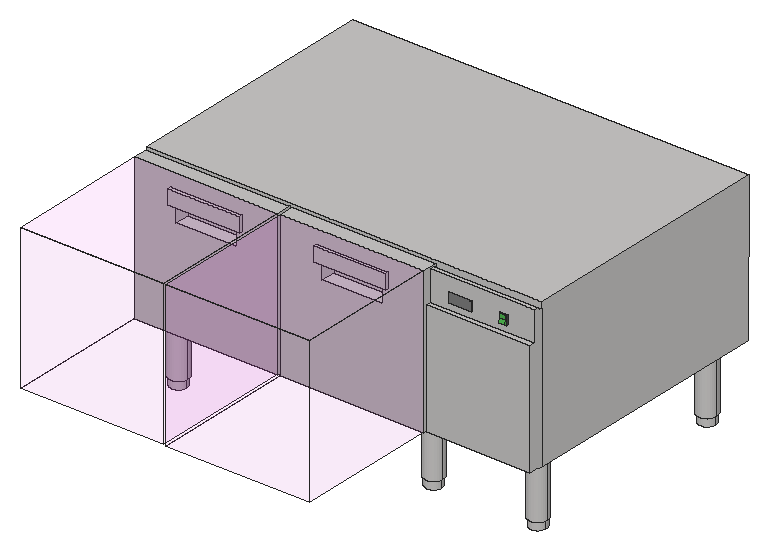
Revit family "QF_ELECTROLUXPROFESSIONAL_391602_E9TTAECOMIN", category Specialty Equipment, Revit 2023 (continued)
Automatic sketch dimensions
  Split face 157 sketch curve to Split face 157 sketch curve = 0.02 mm  (x2)
  Split face 157 sketch curve to Split face 157 sketch curve = 31.959 mm
  Split face 157 sketch curve to Extrusion 4 = 148.203 mm
  Split face 157 sketch curve to Split face 157 sketch curve = 4 mm
  Split face 158 sketch curve to Extrusion 4 = 110.502 mm
  Split face 158 sketch curve to Split face 158 sketch curve = 0.02 mm  (x2)
  Split face 158 sketch curve to Split face 158 sketch curve = 31.959 mm
  Split face 158 sketch curve to Extrusion 4 = 140.797 mm
  Split face 158 sketch curve to Split face 158 sketch curve = 4 mm
  Split face 159 sketch curve to Extrusion 4 = 110.502 mm
  Split face 159 sketch curve to Split face 159 sketch curve = 0.02 mm  (x2)
  Split face 159 sketch curve to Split face 159 sketch curve = 31.959 mm
  Split face 159 sketch curve to Extrusion 4 = 152.797 mm
  Split face 159 sketch curve to Split face 159 sketch curve = 4 mm
  Split face 160 sketch curve to Extrusion 4 = 110.502 mm
  Split face 160 sketch curve to Split face 160 sketch curve = 0.02 mm  (x2)
  Split face 160 sketch curve to Split face 160 sketch curve = 31.959 mm
  Split face 160 sketch curve to Extrusion 4 = 148.203 mm
  Split face 160 sketch curve to Split face 160 sketch curve = 4 mm
  Split face 161 sketch curve to Extrusion 4 = 155.502 mm
  Split face 161 sketch curve to Split face 161 sketch curve = 0.02 mm  (x2)
  Split face 161 sketch curve to Split face 161 sketch curve = 31.959 mm
  Split face 161 sketch curve to Extrusion 4 = 140.797 mm
  Split face 161 sketch curve to Split face 161 sketch curve = 4 mm
  Split face 162 sketch curve to Extrusion 4 = 155.502 mm
  Split face 162 sketch curve to Split face 162 sketch curve = 0.02 mm  (x2)
  Split face 162 sketch curve to Split face 162 sketch curve = 31.959 mm
  Split face 162 sketch curve to Extrusion 4 = 152.797 mm
  Split face 162 sketch curve to Split face 162 sketch curve = 4 mm
  Split face 163 sketch curve to Extrusion 4 = 155.502 mm
  Split face 163 sketch curve to Split face 163 sketch curve = 0.02 mm  (x2)
  Split face 163 sketch curve to Split face 163 sketch curve = 31.959 mm
  Split face 163 sketch curve to Extrusion 4 = 148.203 mm
  Split face 163 sketch curve to Split face 163 sketch curve = 4 mm
  Split face 164 sketch curve to Extrusion 4 = 144.498 mm
  Split face 164 sketch curve to Split face 164 sketch curve = 0.02 mm  (x2)
  Split face 164 sketch curve to Split face 164 sketch curve = 31.959 mm
  Split face 164 sketch curve to Extrusion 4 = 140.797 mm
  Split face 164 sketch curve to Split face 164 sketch curve = 4 mm
  Split face 165 sketch curve to Extrusion 4 = 144.498 mm
  Split face 165 sketch curve to Split face 165 sketch curve = 0.02 mm  (x2)
  Split face 165 sketch curve to Split face 165 sketch curve = 31.959 mm
  Split face 165 sketch curve to Extrusion 4 = 152.797 mm
  Split face 165 sketch curve to Split face 165 sketch curve = 4 mm
  Split face 166 sketch curve to Extrusion 4 = 144.498 mm
  Split face 166 sketch curve to Split face 166 sketch curve = 0.02 mm  (x2)
  Split face 166 sketch curve to Split face 166 sketch curve = 31.959 mm
  Split face 166 sketch curve to Extrusion 4 = 148.203 mm
  Split face 166 sketch curve to Split face 166 sketch curve = 4 mm
  Split face 167 sketch curve to Extrusion 4 = 99.499 mm
  Split face 167 sketch curve to Split face 167 sketch curve = 0.02 mm  (x2)
  Split face 167 sketch curve to Split face 167 sketch curve = 31.959 mm
  Split face 167 sketch curve to Extrusion 4 = 140.797 mm
  Split face 167 sketch curve to Split face 167 sketch curve = 4 mm
  Split face 168 sketch curve to Extrusion 4 = 99.499 mm
  Split face 168 sketch curve to Split face 168 sketch curve = 0.02 mm  (x2)
  Split face 168 sketch curve to Split face 168 sketch curve = 31.959 mm
  Split face 168 sketch curve to Extrusion 4 = 152.797 mm
  Split face 168 sketch curve to Split face 168 sketch curve = 4 mm
  Split face 169 sketch curve to Extrusion 4 = 99.499 mm
  Split face 169 sketch curve to Split face 169 sketch curve = 0.02 mm  (x2)
  Split face 169 sketch curve to Split face 169 sketch curve = 31.959 mm
  Split face 169 sketch curve to Extrusion 4 = 148.203 mm
  Split face 169 sketch curve to Split face 169 sketch curve = 4 mm
  Split face 170 sketch curve to Extrusion 4 = 54.499 mm
  Split face 170 sketch curve to Split face 170 sketch curve = 0.02 mm  (x2)
  Split face 170 sketch curve to Extrusion 4 = 22.519 mm
  Split face 170 sketch curve to Extrusion 4 = 140.797 mm
  Split face 170 sketch curve to Split face 170 sketch curve = 4 mm
  Split face 171 sketch curve to Extrusion 4 = 54.499 mm
  Split face 171 sketch curve to Split face 171 sketch curve = 0.02 mm  (x2)
  Split face 171 sketch curve to Extrusion 4 = 22.519 mm
  Split face 171 sketch curve to Extrusion 4 = 152.797 mm
  Split face 171 sketch curve to Split face 171 sketch curve = 4 mm
  Split face 172 sketch curve to Extrusion 4 = 54.499 mm
  Split face 172 sketch curve to Split face 172 sketch curve = 0.02 mm  (x2)
  Split face 172 sketch curve to Extrusion 4 = 22.519 mm
  Split face 172 sketch curve to Extrusion 4 = 148.203 mm
  Split face 172 sketch curve to Split face 172 sketch curve = 4 mm
  Extrusion 9 sketch curve to Extrusion 2 = 15 mm  (x2)
  Extrusion 2 to Extrusion 9 sketch curve = 31.031 mm
  Extrusion 9 sketch curve to Extrusion 2 = 13.969 mm
  plane 4 to Extrusion 10 sketch curve = 1.587 mm
  Extrusion 10 sketch curve to plane 17 = 8.498 mm
  Extrusion 10 sketch curve to plane 14 = 75.198 mm
  Extrusion 10 sketch curve to plane 3 "Centro (Sinistra/Destra)" = 32.799 mm
  Extrusion 10 sketch curve to plane 3 "Centro (Sinistra/Destra)" = 156.499 mm
  Extrusion 10 sketch curve to plane 5 "TOP" = 143.294 mm
  Extrusion 10 sketch curve to plane 5 "TOP" = 65 mm
  Extrusion 10 sketch curve to plane 5 "TOP" = 9.006 mm
  Extrusion 11 sketch curve to Extrusion 10 = 15 mm  (x2)
  Extrusion 10 to Extrusion 11 sketch curve = 31.031 mm
  Extrusion 11 sketch curve to Extrusion 10 = 13.969 mm
  Extrusion 1 sketch curve to plane 18 = 0 mm
  Extrusion 1 sketch curve to plane 9 "RIGHT" = 1 mm
  Extrusion 12 sketch curve to plane 20 = 30 mm
  Extrusion 12 sketch curve to plane 21 = 0 mm
  Extrusion 1 sketch curve to plane 6 "BACK" = 70 mm
  curve 1 to plane 18 = 0 mm
  curve 15 to plane 18 = 0 mm
  curve 5 to plane 11 = 0 mm
  curve 3 to plane 19 = 0 mm
  curve 17 to plane 10 = 0 mm
  curve 2 to plane 22 = 0 mm
  curve 13 to plane 3 "Centro (Sinistra/Destra)" = 164.999 mm
  curve 9 to curve 10 = 8.5 mm
  curve 12 to plane 17 = 8.498 mm
  curve 10 to plane 7 "FRONT" = 123 mm
  curve 9 to plane 7 "FRONT" = 123 mm
  curve 13 to curve 9 = 40 mm
  curve 16 to curve 10 = 40 mm
  curve 2 to curve 5 = 20 mm
  curve 6 to curve 9 = 20 mm
  curve 10 to curve 7 = 20 mm
  curve 8 to curve 10 = 20 mm
  radius of Split face 2 sketch curve = 1.2 mm
  radius of Split face 3 sketch curve = 1.2 mm
  radius of Split face 4 sketch curve = 1.2 mm
  radius of Split face 5 sketch curve = 1.2 mm
  radius of Split face 6 sketch curve = 1.2 mm
  radius of Split face 7 sketch curve = 1.2 mm
  radius of Extrusion 12 sketch curve = 6 mm
Nested families
  nested 1: "Foot H200" at (-545, -350, 0), type "Foot H200"
  nested 2: "Foot H200" at (-545, 292, 0), type "Foot H200"
  nested 3: "Foot H200" at (229, -350, 0) x (-1, 0, 0) z (0, 0, 1), type "Foot H200"
  nested 4: "Foot H200" at (229, 292, 0) x (-1, 0, 0) z (0, 0, 1), type "Foot H200"
  nested 5: "Foot H200" at (545, -350, 0) x (-1, 0, 0) z (0, 0, 1), type "Foot H200"
  nested 6: "Foot H200" at (545, 292, 0) x (-1, 0, 0) z (0, 0, 1), type "Foot H200"
  nested 7: "01_Refrigerator" at (350, -250, 0), type "01_Refrigerator"
Connectors
  electrical at (560, 260, 189.987)
    settings: on Extrusion 12, index 1, voltage 0 V, apparent load 0 VA, apparent load phase1 0 VA, apparent load phase2 0 VA, apparent load phase3 0 VA, power factor 1, load classification "Altro", number of poles 1, system type 30, power factor state 1, is connector primary yes, connector utility no, sub classification motor no, connector description "Electrical"
Definition of nested family "Foot H200"
  Parameters (values of type "Foot H200")
    Default Elevation = 0 mm
  Reference planes
    plane 1 "Centro (Fronte/Retro)": y = 0
    plane 2: z = 0
    plane 3 "Centro (Sinistra/Destra)": x = 0
    plane 4: z = 200
  Forms (mm)
    Revolve 1, solid
      sketch origin (255.05, 0, 608.09) x (0, 0, 1) y (-1, 0, 0)
        loop
          line (-608.09, 255.05) -> (-608.09, 230.05) -> (-583.09, 230.05) -> (-583.09, 226.05) -> (-408.09, 226.05) -> (-408.09, 255.05) -> (-608.09, 255.05)
        axis (-608.09, 255.05) -> (-408.09, 255.05)
      angle from 0 to 360
  Dimensions and locks
    Revolve 1 sketch curve to Revolve 1 sketch curve = 175 mm
    plane 4 to level = 200 mm
    aligned and locked: level to plane 2
    aligned and locked: plane 4 to Revolve 1 sketch curve
    aligned and locked: Revolve 1 sketch curve to level
    aligned and locked: plane 3 "Centro (Sinistra/Destra)" to Revolve 1 sketch curve
Definition of nested family "01_Refrigerator"
  Reference planes
    plane 1 "Center (Front/Back)": y = 0
    plane 2: z = 0
    plane 3 "Center (Left/Right)": x = 0
  Lines and regions (mm)
    detail lines, in view "Ref. Level"
      curve 1: line (0, -60, 0) -> (0, 60, 0)
      curve 2: line (-51.962, 30, 0) -> (51.962, -30, 0)
      curve 3: line (-51.962, -30, 0) -> (51.962, 30, 0)
      curve 4: line (19.116, 56.873, 0) -> (0, 35, 0)
      curve 5: line (0, 35, 0) -> (-19.116, 56.873, 0)
      curve 6: line (-30.311, 17.5, 0) -> (-40, 45.883, 0)
      curve 7: line (-59.736, 11.7, 0) -> (-30.311, 17.5, 0)
      curve 8: line (-30.311, -17.5, 0) -> (-59.736, -11.7, 0)
      curve 9: line (-40, -45.883, 0) -> (-30.311, -17.5, 0)
      curve 10: line (0, -35, 0) -> (-19.116, -56.873, 0)
      curve 11: line (19.116, -56.873, 0) -> (0, -35, 0)
      curve 12: line (30.311, -17.5, 0) -> (39.696, -44.992, 0)
      curve 13: line (58.812, -11.882, 0) -> (30.311, -17.5, 0)
      curve 14: line (30.311, 17.5, 0) -> (58.812, 11.882, 0)
      curve 15: line (39.696, 44.992, 0) -> (30.311, 17.5, 0)
      curve 16: spline (-200, 0, 0) -> (-193.185, -23.294, 0) -> (-173.205, -45, 0) -> (-141.421, -63.64, 0) -> (-100, -77.942, 0) -> (-51.764, -86.933, 0) -> (0, -90, 0) -> (51.764, -86.933, 0) -> (100, -77.942, 0) -> (141.421, -63.64, 0) -> (173.205, -45, 0) -> (193.185, -23.294, 0) -> (200, 0, 0) -> (193.185, 23.294, 0) -> (173.205, 45, 0) -> (141.421, 63.64, 0) -> (100, 77.942, 0) -> (51.764, 86.933, 0) -> (0, 90, 0) -> (-51.764, 86.933, 0) -> (-100, 77.942, 0) -> (-141.421, 63.64, 0) -> (-173.205, 45, 0) -> (-193.185, 23.294, 0) -> (-200, 0, 0)
